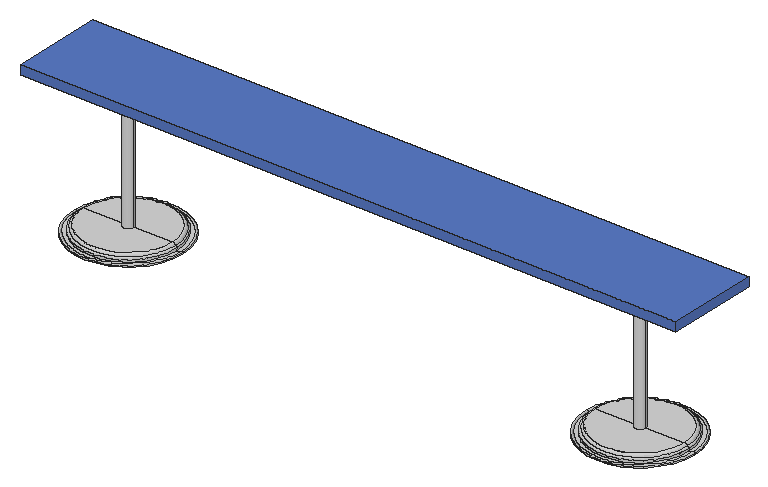
Revit family "Athletic-Team-Bench", category Generic Models, Revit 2026
Family settings
  Can host rebar = No
  Round Connector Dimension = Use Diameter
  Part Type = Normal
  Classification Number = 23.40.20.14.14.21
  Work Plane-Based = No
  Always vertical = Yes
  Cut with Voids When Loaded = No
  Maintain Annotation Orientation = No
  Shared = No
  Room Calculation Point = No
Parameters
  Weight Capacity = Seating Capacity * 300.00 lbf  # 1500.00 lbf
  Seating Capacity = Bench Length / 1' 4"  # 5
  Leg Material = ARCAT - Metal - Aluminum_Anodized_Clear
  Keynote = "10500"
  Description = "Outdoor Athletic Team Bench"
  Default Elevation = 0' - 0"
  Bench Material = ARCAT - Metal - Aluminum_Anodized_Blue
  Bench Length = 6' - 0"
  Warranty Duration (Years) = 0
  Test Data = ""
  Specification = "http://www.arcat.com/divs/sec/sec10500.shtml"
  Sales Information = ""
  Product Properties = "http://www.arcat.com/bim/bim_info.pl?fn=Athletic-Team-Bench"
  Product Data = "http://www.arcat.com/divs/sec/sec10500.shtml"
  Model = "Generic"  # constant formula
  Manufacturer Website = "http://www.arcat.com/"
  Manufacturer Phone - Toll Free = ""
  Manufacturer Phone = "(203) 929-9444"  # constant formula
  Manufacturer Fax = "(203) 929-9444"  # constant formula
  Manufacturer Email = "bim@arcat.com"  # constant formula
  Manufacturer Address = "1077 Bridgeport Ave, Shelton, CT  06484"  # constant formula
  Manufacturer = "Generic"  # constant formula
  Maintenance Schedule (Months) = 0
  Height = 1' - 4"
  Installation_Fabrication = ""
  Installation Phase = ""
  Green Building - LEED = "http://www.arcat.com/green/green_building.shtml"
  Expected Lifespan (Years) = 0
  Drawn By = "Robert S. Weygant. CSI, CDT, SCIP"  # constant formula
  Bench Width = 0' - 10"
  Copyright = "2008, ARCAT, Inc."  # constant formula
  Construction Details = "http://www.arcat.com/divs/sec/sec10500.shtml"
  Building Codes = ""
  Assembly Code = "E1020900"
Reference planes (in)
  plane 1 "Center (Front/Back)": y = 0
  plane 2: z = 0
  plane 3 "Center (Left/Right)": x = 0
  plane 4: y = 5
  plane 5: y = -5
  plane 6: x = -36
  plane 7: x = 36
  plane 8: z = 16
  plane 9 "Pata Izq": x = -28.12598
  plane 10 "Pata Der": x = 28.12598
Forms (in)
  Extrusion 1, solid, material "ARCAT - Metal - Aluminum_Anodized_Blue" <- "Bench Material"
    sketch origin (0, 0, 0) x (1, 0, 0) y (0, 1, 0)
      loop
        line (-36, 5) -> (-36, -5) -> (36, -5) -> (36, 5) -> (-36, 5)
    from 15.01575 to 16
  Revolve 2, solid, material "ARCAT - Metal - Aluminum_Anodized_Clear" <- "Leg Material"
    sketch origin (0, 0, 0) x (1, 0, 0) y (0, 0, 1)
      loop
        line (-27.53543, 15.01575) -> (-28.12598, 15.01575) -> (-28.12598, 0) -> (-22.15748, 0) -> (-22.15748, 0.13171)
        arc (-22.15748, 0.13171) -> (-22.25424, 0.22847) -> (-22.351, 0.13171) r 0.09676
        line (-22.351, 0.13171) -> (-22.8115, 0.13171) -> (-22.8115, 0.35708)
        arc (-22.8115, 0.35708) -> (-22.86913, 0.49625) -> (-23.00827, 0.55393) r 0.19685
        arc (-23.00827, 0.55393) -> (-23.09908, 0.72089) -> (-23.27711, 0.7874) r 0.27152
        line (-23.27711, 0.7874) -> (-27.53543, 0.7874) -> (-27.53543, 15.01575)
      axis (-28.12598, 15.01575) -> (-28.12598, 0)
    angle from 0 to 360
  Revolve 3, solid, material "ARCAT - Metal - Aluminum_Anodized_Clear" <- "Leg Material"
    sketch origin (31.49606, 0, 0) x (1, 0, 0) y (0, 0, 1)
      loop
        line (-2.77953, 15.01575) -> (-3.37008, 15.01575) -> (-3.37008, 0) -> (2.59843, 0) -> (2.59843, 0.13171)
        arc (2.59843, 0.13171) -> (2.50167, 0.22847) -> (2.40491, 0.13171) r 0.09676
        line (2.40491, 0.13171) -> (1.9444, 0.13171) -> (1.9444, 0.35708)
        arc (1.9444, 0.35708) -> (1.88677, 0.49625) -> (1.74763, 0.55393) r 0.19685
        arc (1.74763, 0.55393) -> (1.65682, 0.72089) -> (1.47879, 0.7874) r 0.27152
        line (1.47879, 0.7874) -> (-2.77953, 0.7874) -> (-2.77953, 15.01575)
      axis (-3.37008, 15.01575) -> (-3.37008, 0)
    angle from 0 to 360
Dimensions and locks (in)
  equal spacing: plane 6, plane 3 "Center (Left/Right)", plane 7
  equal spacing: plane 5, plane 1 "Center (Front/Back)", plane 4
  "Bench Length": plane 6 to plane 7
  "Bench Width": plane 5 to plane 4
  locked: Extrusion 1 to Extrusion 1 at 0.98425
  "Height": plane 8 to level
  locked: plane 6 to plane 9 "Pata Izq" at 7.87402
  locked: plane 10 "Pata Der" to plane 7 at 7.87402
  locked: Revolve 2 sketch curve to Revolve 2 sketch curve at 5.9685
  locked: Revolve 3 sketch curve to Revolve 3 sketch curve at 5.9685
  aligned and locked: plane 8 to Extrusion 1
Automatic sketch dimensions
  Extrusion 1 sketch curve to plane 5 = 0' - 0"
  Extrusion 1 sketch curve to plane 6 = 0' - 0"
  Extrusion 1 sketch curve to plane 7 = 0' - 0"
  Extrusion 1 sketch curve to plane 4 = 0' - 0"
  Revolve 2 sketch curve to plane 9 "Pata Izq" = 0' - 0"  (x2)
  Revolve 2 sketch curve to level = 0' - 0"
  plane 9 "Pata Izq" to Revolve 2 sketch curve = 0' - 0.59055"
  Revolve 2 sketch curve to Revolve 2 sketch curve = 0' - 0.26876"
  Revolve 2 sketch curve to Revolve 2 sketch curve = 0' - 0.00008"
  level to Revolve 2 sketch curve = 0' - 0.13171"
  Revolve 2 sketch curve to Revolve 2 sketch curve = 0' - 0.19685"
  Revolve 2 sketch curve to Revolve 2 sketch curve = 0' - 0.46051"
  Revolve 2 sketch curve to Revolve 2 sketch curve = 0' - 0.09676"
  Revolve 2 sketch curve to Revolve 2 sketch curve = 1' - 0"
  Revolve 2 sketch curve to Revolve 2 sketch curve = 0' - 0.22537"
  Revolve 2 sketch curve to Revolve 2 sketch curve = 0' - 0.03805"
  Revolve 2 sketch curve to plane 8 = 0' - 0.98425"
  plane 8 to Revolve 2 sketch curve = 6' - 8.25197"
  Revolve 3 sketch curve to plane 10 "Pata Der" = 0' - 0"  (x2)
  Revolve 3 sketch curve to level = 0' - 0"
  plane 10 "Pata Der" to Revolve 3 sketch curve = 0' - 0.59055"
  Revolve 3 sketch curve to Revolve 3 sketch curve = 0' - 0.26876"
  Revolve 3 sketch curve to Revolve 3 sketch curve = 0' - 0.00008"
  level to Revolve 3 sketch curve = 0' - 0.13171"
  Revolve 3 sketch curve to Revolve 3 sketch curve = 0' - 0.19685"
  Revolve 3 sketch curve to Revolve 3 sketch curve = 0' - 0.46051"
  Revolve 3 sketch curve to Revolve 3 sketch curve = 0' - 0.09676"
  Revolve 3 sketch curve to Revolve 3 sketch curve = 1' - 0"
  Revolve 3 sketch curve to Revolve 3 sketch curve = 0' - 0.22537"
  Revolve 3 sketch curve to Revolve 3 sketch curve = 0' - 0.03805"
  Revolve 3 sketch curve to plane 8 = 0' - 0.98425"
  plane 8 to Revolve 3 sketch curve = 6' - 8.25197"
